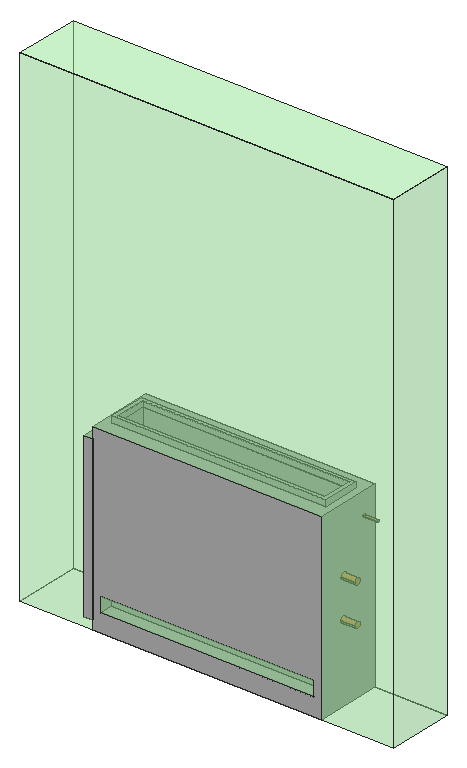
Revit family "RPFI_FSN2E_1.0_to_2.5_LOD_400", category Equipement de génie climatique, Revit 2016
Family settings
  Type d'élément = Normal
  Cote de connecteur circulaire = Utiliser le diamètre
  Numéro OmniClass = 23.75.00.00
  Titre OmniClass = Climate Control (HVAC)
  Basée sur le plan de construction = Non
  Toujours verticalement = Oui
  Couper avec des vides une fois chargée = Non
  Partagée = Non
  Point de calcul de pièce = Non
Parameters (values of type "RPFI FSN2E 1.0")
  Usage Current = 5 A
  Sound pressure level (High/med/low) dB (A) = "39/36/32"
  Sound power max (dB(A)) = 39
  Sound power level dB(A) = "60.000000000000"
  Sound power at minimal load (dB(A)) = 32
  Sound power at medium load (dB(A)) = 36
  Refrigerant = "R410A (factory-charged corrosion-proof nitrogen)"
  Overall Width = 754 mm
  Overall Height = 600 mm
  Overall Depth = 220 mm
  Output Width = 122 mm
  Output Height = 704 mm
  Operation and service space [instance] = yes
  Number of Poles = "1"
  Nominal Voltage = 230 V
  Minimum Air Flow = 11000.0 L/min
  Minimum AC Voltage = 207 V
  Maximum Air Flow = 16000.0 L/min
  Maximum AC Voltage = 253 V
  Mass = 27.00 kg
  Input Height = 50 mm
  Heating Capacity = 5.6 kW
  Frequency = 50 Hz
  Diamètre Gaz Entrée = 18 mm
  Diamètre Eau Sortie = 18.5 mm
  Diamètre Eau Entrée = 6 mm
  Fan motor type (output) = 45 W
  Fabricant = "HITACHI"
  Electrical box (high) distance = 30 mm
  Electrical box (low) distance = 30 mm
  Cooling Capacity = 5 kW
  Commentaires du type = "RPFI FSN2E"
  Color = "Spring white (4.1Y8.5/0.7)"
  BC_OBJECT_ID = "6678"  # constant formula
  Air outlet = 20 mm
  Air inlet = Output Height  # 704 mm
  Air flow Speed (high/medium/low) m3/min = "16/14/11"
Types (4, lengths in mm): name | Sound pressure level (High/med/low) dB (A) | Sound power max (dB(A)) | Sound power at minimal load (dB(A)) | Sound power at medium load (dB(A)) | Overall Width | Output Height | Minimum Air Flow | Maximum Air Flow | Mass | Heating Capacity | Diamètre Gaz Entrée | Diamètre Eau Entrée | Fan motor type (output) | Cooling Capacity | Air inlet | Air flow Speed (high/medium/low) m3/min
  RPFI FSN2E 1.0 | "39/36/32" | 39 | 32 | 36 | 754 | 704 | 11000.0 L/min | 16000.0 L/min | 27.00 kg | 5.6 kW | 18 | 6 | 45 W | 5 kW | 704 | "16/14/11"
  RPFI FSN2E 1.5 | "38/35/31" | 38 | 31 | 35 | 879 | 829 | 9000.0 L/min | 12000.0 L/min | 23.00 kg | 4 kW | 15 | 6 | 28 W | 3.6 kW | 829 | "12/10/9"
  RPFI FSN2E 2.5 | "42/38/34" | 42 | 34 | 38 | 1129 | 1079 | 11000.0 L/min | 16000.0 L/min | 28.00 kg | 6.3 kW | 18 | 10 | 45 W | 5.6 kW | 1079 | "16/14/11"
  RPFI FSN2E 2.0 | "39/36/32" | 39 | 32 | 36 | 1129 | 1079 | 11000.0 L/min | 16000.0 L/min | 27.00 kg | 5.6 kW | 18 | 6 | 45 W | 5 kW | 1079 | "16/14/11"
Reference planes
  plane 1 "Centre (avant/arrière)": y = 0
  plane 2: z = 0
  plane 3 "Centre (gauche/droite)": x = 0
  plane 4 "ARRIERE": y = 110
  plane 5 "AVANT": y = -110
  plane 6 "GAUCHE": x = -377
  plane 7 "DROITE": x = 377
  plane 8 "Hauteur": z = 600
  plane 9 "Grille": z = 620
  plane 10: z = 30
  plane 11: z = 570
  plane 12: x = -352
  plane 13: x = 352
  plane 14: y = 61
  plane 15: y = -61
  plane 16: z = 109.847
  plane 17: x = -352
  plane 18: x = 352
  plane 19: z = 59.847
  plane 20 "A": x = -617
  plane 21 "B": x = 617
  plane 22: z = 1620
  plane 23: x = -342
  plane 24: x = 342
  plane 25: y = 51
  plane 26: y = -51
Forms (mm)
  Extrusion 1, solid, material "Acier"
    sketch origin (0, 0, 0) x (1, 0, 0) y (0, 1, 0)
      loop
        line (-377, 110) -> (-377, -110) -> (377, -110) -> (377, 110) -> (-377, 110)
    from 0 to 600
  Extrusion 2, solid, material "Acier"
    sketch origin (-377, 0, 0) x (0, -1, 0) y (0, 0, 1)
      loop
        line (-110, 564.459) -> (-110, 30) -> (110, 30) -> (110, 564.459) -> (-110, 564.459)
    from 0 to 30
  Extrusion 3, void
    sketch origin (0, -110, 0) x (1, 0, 0) y (0, 0, 1)
      loop
        line (-352, 109.847) -> (-352, 59.847) -> (352, 59.847) -> (352, 109.847) -> (-352, 109.847)
    from 0 to -45
  Extrusion 4, solid, material "Cuivre"
    sketch origin (377, 0, 0) x (0, 1, 0) y (0, 0, 1)
      loop
        circle (61, 529) r 3
    from 0 to 50
  Extrusion 5, solid, material "Acier"
    sketch origin (0, 0, 600) x (-1, 0, 0) y (0, -1, 0)
      loop
        line (352, -61) -> (352, 61) -> (-352, 61) -> (-352, -61) -> (352, -61)
    from 0 to 20
  Extrusion 6, solid, material "Cuivre"
    sketch origin (377, 0, 0) x (0, 1, 0) y (0, 0, 1)
      loop
        circle (-23, 388) r 9
    from 0 to 50
  Extrusion 7, solid, material "Cuivre"
    sketch origin (377, 0, 0) x (0, 1, 0) y (0, 0, 1)
      loop
        circle (-24, 260) r 9.25
    from 0 to 50
  Extrusion 8, void
    sketch origin (0, 0, 620) x (-1, 0, 0) y (0, -1, 0)
      loop
        line (342, -51) -> (342, 51) -> (-342, 51) -> (-342, -51) -> (342, -51)
    from 0 to -100
  Extrusion 9, solid, material "Operation and service space", visible <- "Operation and service space"
    sketch origin (0, 0, 0) x (1, 0, 0) y (0, 1, 0)
      loop
        line (-617, 110) -> (-617, -110) -> (617, -110) -> (617, 110) -> (-617, 110)
    from 0 to 1620
Cuts and joins
  Extrusion 3, Extrusion 8 cuts Extrusion 1
  Extrusion 8 cuts Extrusion 5
Lines and regions (mm)
  model lines, visible <- "Operation and service space"
    curve 1: line (-617, -110, 1620) -> (617, -110, 1620)
    curve 2: line (-617, -110, 0) -> (-617, -110, 1620)
    curve 3: line (617, -110, 0) -> (-617, -110, 0)
    curve 4: line (617, -110, 1620) -> (617, -110, 0)
    curve 5: line (-617, 110, 1620) -> (617, 110, 1620)
    curve 6: line (-617, 110, 0) -> (-617, 110, 1620)
    curve 7: line (617, 110, 0) -> (-617, 110, 0)
    curve 8: line (617, 110, 1620) -> (617, 110, 0)
    curve 9: line (-617, -110, 0) -> (-617, 110, 0)
    curve 10: line (-617, -110, 1620) -> (-617, 110, 1620)
    curve 11: line (617, -110, 1620) -> (617, 110, 1620)
    curve 12: line (617, -110, 0) -> (617, 110, 0)
  model lines
    curve 13: line (-352, 61, 620) -> (352, 61, 620)
    curve 14: line (352, -61, 620) -> (-352, -61, 620)
    curve 15: line (352, 61, 620) -> (352, -61, 620)
Dimensions and locks
  "Overall Width": plane 6 "GAUCHE" to plane 7 "DROITE"
  equal spacing: plane 6 "GAUCHE", plane 3 "Centre (gauche/droite)", plane 7 "DROITE"
  equal spacing: plane 4 "ARRIERE", plane 1 "Centre (avant/arrière)", plane 5 "AVANT"
  "Overall Depth": plane 4 "ARRIERE" to plane 5 "AVANT"
  "Overall Height": plane 8 "Hauteur" to plane 2
  "Air outlet": plane 9 "Grille" to plane 8 "Hauteur"
  "Electrical box (high) distance": plane 8 "Hauteur" to plane 11
  "Electrical box (low) distance": plane 10 to plane 2
  "Input Height": plane 16 to plane 19
  "Air inlet": plane 18 to plane 17
  equal spacing: plane 18, plane 3 "Centre (gauche/droite)", plane 17
  "Output Height": plane 12 to plane 13
  "Output Width": plane 14 to plane 15
  equal spacing: plane 14, plane 1 "Centre (avant/arrière)", plane 15
  Extrusion 4 sketch curve to plane 2 = 529 mm
  Extrusion 6 sketch curve to plane 4 "ARRIERE" = 133 mm
  Extrusion 6 sketch curve to plane 2 = 388 mm
  Extrusion 7 sketch curve to plane 4 "ARRIERE" = 134 mm
  Extrusion 7 sketch curve to plane 2 = 260 mm
  equal spacing: plane 12, plane 3 "Centre (gauche/droite)", plane 13
  locked: plane 21 "B" to plane 7 "DROITE" at 240
  equal spacing: plane 20 "A", plane 3 "Centre (gauche/droite)", plane 21 "B"
  locked: plane 22 to plane 9 "Grille" at 1000
  locked: plane 26 to plane 15 at 10
  locked: plane 14 to plane 25 at 10
  locked: plane 17 to plane 23 at 10
  locked: plane 24 to plane 18 at 10
  "Diamètre Eau Entrée": diameter of Extrusion 4 sketch curve
  "Diamètre Gaz Entrée": diameter of Extrusion 6 sketch curve
  "Diamètre Eau Sortie": diameter of Extrusion 7 sketch curve
  aligned and locked: level to plane 2
  aligned and locked: Extrusion 1 sketch curve to plane 4 "ARRIERE"
  aligned and locked: Extrusion 1 sketch curve to plane 6 "GAUCHE"
  aligned and locked: Extrusion 1 sketch curve to plane 5 "AVANT"
  aligned and locked: Extrusion 1 sketch curve to plane 7 "DROITE"
  aligned and locked: plane 8 "Hauteur" to Extrusion 1
  aligned and locked: plane 4 "ARRIERE" to Extrusion 2
  aligned and locked: plane 5 "AVANT" to Extrusion 2
  aligned and locked: Extrusion 2 to plane 10
  aligned and locked: Extrusion 3 sketch curve to plane 16
  aligned and locked: plane 17 to Extrusion 3 sketch curve
  aligned and locked: plane 19 to Extrusion 3 sketch curve
  aligned and locked: Extrusion 3 sketch curve to plane 18
  aligned and locked: Extrusion 5 sketch curve to plane 14
  aligned and locked: plane 12 to Extrusion 5 sketch curve
  aligned and locked: plane 15 to Extrusion 5 sketch curve
  aligned and locked: Extrusion 5 sketch curve to plane 13
  aligned and locked: curve 1 to plane 22
  aligned and locked: curve 2 to plane 20 "A"
  aligned and locked: plane 2 to curve 3
  aligned and locked: plane 21 "B" to curve 4
  aligned and locked: Extrusion 8 sketch curve to plane 25
  aligned and locked: plane 23 to Extrusion 8 sketch curve
  aligned and locked: plane 26 to Extrusion 8 sketch curve
  aligned and locked: Extrusion 8 sketch curve to plane 24
  aligned and locked: Extrusion 9 sketch curve to curve 7
  aligned and locked: Extrusion 9 sketch curve to curve 9
  aligned and locked: Extrusion 9 sketch curve to curve 3
  aligned and locked: Extrusion 9 sketch curve to curve 12
  aligned and locked: plane 22 to Extrusion 9
Automatic sketch dimensions
  plane 21 "B" to curve 5 = 0 mm
  curve 7 to level = 0 mm
  plane 20 "A" to curve 7 = 0 mm
  curve 6 to plane 22 = 0 mm
  Extrusion 2 sketch curve to plane 4 "ARRIERE" = 0 mm
  Extrusion 2 sketch curve to plane 5 "AVANT" = 0 mm
  Extrusion 2 sketch curve to plane 10 = 0 mm
  Extrusion 2 sketch curve to plane 11 = 5.541 mm
  curve 10 to plane 5 "AVANT" = 0 mm
  curve 10 to plane 22 = 0 mm
  curve 9 to level = 0 mm
  curve 9 to plane 4 "ARRIERE" = 0 mm
  curve 10 to plane 4 "ARRIERE" = 0 mm
  curve 9 to plane 5 "AVANT" = 0 mm
  curve 11 to plane 4 "ARRIERE" = 0 mm
  curve 11 to plane 22 = 0 mm
  curve 12 to level = 0 mm
  curve 12 to plane 4 "ARRIERE" = 0 mm
  curve 12 to plane 5 "AVANT" = 0 mm
  curve 11 to plane 5 "AVANT" = 0 mm
  curve 15 to plane 13 = 0 mm
  curve 13 to plane 12 = 0 mm
  curve 14 to plane 12 = 0 mm
  plane 14 to curve 13 = 0 mm
  curve 14 to plane 15 = 0 mm
  Extrusion 4 sketch curve to plane 14 = 0 mm
Connectors
  electrical at (-407, 0, 297.23), driven by "Nominal Voltage"
    settings: on Extrusion 2, index 1, voltage 230 V, apparent load 0 VA, apparent load phase1 0 VA, apparent load phase2 0 VA, apparent load phase3 0 VA, power factor 1, load classification "Autre", number of poles 1, system type 31, power factor state 1, is connector primary yes, connector utility no, sub classification motor no, connector description ""
  piping at (427, -24, 260), diameter 18.5, driven by "Diamètre Eau Sortie"
    settings: on Extrusion 7, index 2, connector inside diameter 609.6 mm, connector length 0 mm, flow factor 0, pipe flow 0.0 L/s, pressure drop 0.0 Pa, fitting loss kfactor 0, connector angle 0.00°, fixture units 0, engagement length 0 mm, angle of deflection 0.00°, flow configuration 0, flow direction 2, fitting loss method 0, system type 16, joint type 0, gender type 0, connector reference index -1, connector utility 0, adjustable connector no, is connector primary yes, connector description ""
  piping at (427, -23, 388), diameter 18, driven by "Diamètre Gaz Entrée"
    settings: on Extrusion 6, index 3, connector inside diameter 609.6 mm, connector length 0 mm, flow factor 0, pipe flow 0.0 L/s, pressure drop 0.0 Pa, fitting loss kfactor 0, connector angle 0.00°, fixture units 0, engagement length 0 mm, angle of deflection 0.00°, flow configuration 0, flow direction 0, fitting loss method 0, system type 29, joint type 0, gender type 0, connector reference index -1, connector utility 0, adjustable connector no, is connector primary no, connector description ""
  piping at (427, 61, 529), diameter 6, driven by "Diamètre Eau Entrée"
    settings: on Extrusion 4, index 4, connector inside diameter 609.6 mm, connector length 0 mm, flow factor 0, pipe flow 0.0 L/s, pressure drop 0.0 Pa, fitting loss kfactor 0, connector angle 0.00°, fixture units 0, engagement length 0 mm, angle of deflection 0.00°, flow configuration 0, flow direction 0, fitting loss method 0, system type 29, joint type 0, gender type 0, connector reference index -1, connector utility 0, adjustable connector no, is connector primary no, connector description ""
  hvac at (0, -110, 84.847), driven by "Input Height", driven by "Air inlet"
    settings: on cut or joined group of Extrusion 1, Extrusion 3, Extrusion 8, index 5, duct flow 0.0 L/min, flow factor 0, pres drop 0.0 Pa, loss coef 0, conn angle 0.00°, conn width 704 mm, conn height 50 mm, conn diameter 609.6 mm, duct sys type 29, conn prof type 1, flow config 0, flow direction 0, loss method 0, conn ref index -1, conn util no, is conn primary yes, conn desc ""
